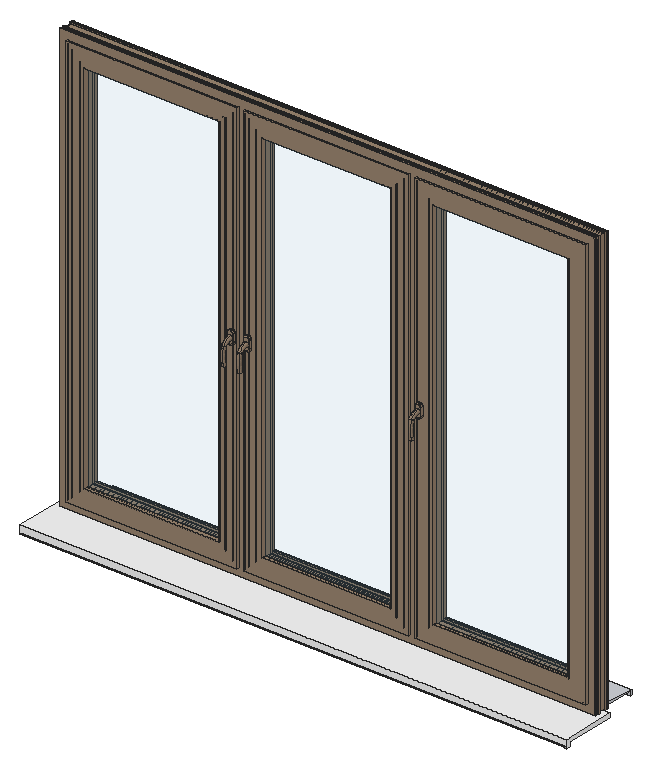
Revit family "4_Окно трехстворчатое с вертикальными импостами_V72", category Окна, Revit 2019
Family settings
  Основа = Стена
  Номер OmniClass = 23.30.20.17.11
  Заголовок OmniClass = Fixed Windows
  Всегда вертикально = Да
  При загрузке вырезать с полостями = Нет
  Общий = Нет
  Точка расчета площади = Нет
Parameters (values of type "V72")
  Ширина створки центр [instance] = 500.00 mm
  Ширина створки прав [instance] = 850.00 mm
  Ширина створки лев [instance] = 850.00 mm
  Width [instance] = 0.00 mm  # constant formula
  Четверть.Ширина [instance] = 65.00 mm
  Четверть.Высота [instance] = 65.00 mm
  Четверть Правая.Видимость [instance] = yes
  Четверть Правая [instance] = if(and(Четверть Правая.Видимость, Четверть), Четверть.Ширина, 0.00 mm)  # 65.00 mm
  Четверть Левая.Видимость [instance] = yes
  Четверть Левая [instance] = if(and(Четверть Левая.Видимость, Четверть), Четверть.Ширина, 0.00 mm)  # 65.00 mm
  Четверть [instance] = yes
  Четверть.Верхняя [instance] = if(Четверть, Четверть.Высота, 0.00 mm)  # 65.00 mm
  Монтажный зазор спереди [instance] = 10.00 mm
  Монтаж.зазор Низ [instance] = 40.00 mm
  Монтажный зазор.Верх [instance] = 25.00 mm
  VIDNAL_Ширина проема [instance] = ADSK_Ширина рамы + Монтажный зазор.Правый + Монтажный зазор.Левый  # 2550.00 mm
  VIDNAL_Цвет конструкции = ""
  VIDNAL_Фурнитура [instance] = ""
  VIDNAL_Формула стеклопакета [instance] = ""
  VIDNAL_Толщина стеклопакета [instance] = ""
  VIDNAL_Сопротивление ветровой нагрузке = ""
  VIDNAL_Система профилей [instance] = "V72"  # constant formula
  VIDNAL_Площадь изделия [instance] = ADSK_Ширина рамы * ADSK_Высота рамы  # 5.00 m²
  VIDNAL_Звукоизоляция [instance] = ""
  VIDNAL_Высота проема [instance] = ADSK_Высота рамы + Монтажный зазор.Верх + Монтаж.зазор Низ  # 2065.00 mm
  Глубина профиля [instance] = 72.00 mm  # constant formula
  Rough Width = 0.00 mm  # constant formula
  Rough Height = 0.00 mm  # constant formula
  Подоконник.Видимость [instance] = yes
  Подоконник = АС_Окна_ПВХСветлосерыйМатовый
  Отлив.Видимость [instance] = yes
  Откосы.Глубина [instance] = 150.00 mm
  Описание = "Окно"
  Обозначение = "ГОСТ 21519-2003"
  Наименование = ""
  Монтажный зазор.Правый [instance] = if(Четверть Правая.Видимость, Монтажный зазор.Боковой, 0.00 mm)  # 25.00 mm
  Монтажный зазор.Левый [instance] = if(Четверть Левая.Видимость, Монтажный зазор.Боковой, 0.00 mm)  # 25.00 mm
  Монтажный зазор.Боковой [instance] = 25.00 mm
  Марка проема [instance] = ""
  Model = ""
  Стекло = АС_Стекло
  Рама = Aluminum
  Отлив = АС_Металл_ОкрашенныйБелыйМатовый
  Type Comments = ""
  Assembly Code = ""
  Высота подоконника по умолчанию = 800.00 mm
  Wall Closure = (empty or 0)
  Height [instance] = 0.00 mm  # constant formula
  Аналитическая конструкция = "<Нет>"
  VIDNAL_Возухопроницаемость [instance] = ""
  VIDNAL_Водонепроницаемость [instance] = ""
  VIDNAL_Rприв. профиля со стеклопакетом [instance] = ""
  ADSK_Ширина рамы [instance] = 2500.00 mm
  ADSK_Позиция [instance] = ""
  ADSK_Завод-изготовитель [instance] = "VIDNAL"  # constant formula
  ADSK_Высота рамы [instance] = 2000.00 mm
Reference planes
  plane 1 "ПД": y = -40
  plane 2: z = 0
  plane 3 "Слева": x = -922.6
  plane 4 "Справа": x = 1627.4
  plane 5 "Подоконник": z = 800
  plane 6 "ВЕРХ": z = 2865
  plane 7 "Внутренняя": y = -190
  plane 8 "Вставка окна": y = 32
  plane 9 "четверть прав": x = 1562.4
  plane 10 "четверть верх": z = 2800
  plane 11 "рама лев": x = -897.6
  plane 12 "рама прав": x = 1602.4
  plane 13 "рама верх": z = 2840
  plane 14: y = -240
  plane 15 "Подоконник, отлив": y = 12
  plane 16: y = 190
  plane 17 "отлив прав": y = 220
  plane 18 "TT": y = 42
  plane 19 "рама низ": z = 840
  plane 20 "створка лев": x = -860.352
  plane 21: x = -62.85
  plane 22 "низ створки ниж": z = 877.248
  plane 23: x = -32.35
  plane 24 "створка прав": x = 1565.152
  plane 25 "верх створки": z = 2802.752
  plane 26 "четверть левая": x = -857.6
  plane 27 "уровень отлива": z = 820
  plane 28 "осевая": x = -47.6
  plane 29: x = 737.15
  plane 30: x = 767.65
  plane 31 "п": x = 752.4
Forms (mm)
  Extrusion 1, void, detail levels medium+fine
    sketch origin (0, 42, 0) x (0, 0, 1) y (-1, 0, 0)
      loop
        line (2865, -1627.4) -> (2865, 922.6) -> (800, 922.6) -> (800, -1627.4) -> (2865, -1627.4)
    from 0 to 1000
  Extrusion 2, void
    sketch origin (0, 32, 0) x (0, 0, -1) y (-1, 0, 0)
      loop
        line (-2800, -1562.4) -> (-800, -1562.4) -> (-800, 857.6) -> (-2800, 857.6) -> (-2800, -1562.4)
    from -100 to 500
  Sweep 3, solid, material "Aluminum" <- "Рама"
    path origin (0, 32, -30) x (0, 0, -1) y (-1, 0, 0)
      loop
        line (-2870, 897.6) -> (-2870, -1602.4) -> (-870, -1602.4) -> (-870, 897.6) -> (-2870, 897.6)
    profile "Профиль рамы V72 (R19) : Профиль рамы V72 (R19)" origin (-897.6, 32, 1840) x (-1, 0, 0) y (0, 1, 0)
      loop
        line (-37.021, -25.058) -> (-7.134, -25.058) -> (-7.134, -14) -> (-37.021, -14) -> (-37.021, -25.058)
      loop
        line (-37.021, -48) -> (-7.134, -48) -> (-7.134, -39.591) -> (-37.021, -39.591) -> (-37.021, -48)
      loop
        line (-37.021, -38.383) -> (-7.134, -38.383) -> (-7.134, -26.243) -> (-37.021, -26.243) -> (-37.021, -38.383)
      loop
        line (-7, -12.3) -> (-7, -1.5) -> (-37.498, -1.5) -> (-37.498, -12.3) -> (-7, -12.3)
      loop
        line (-6.748, -70.25) -> (-6.748, -49.75) -> (-37.248, -49.75) -> (-37.248, -70.25) -> (-6.748, -70.25)
      loop
        line (0.002, -72) -> (0.002, -67.879) -> (-1.998, -67.879) -> (-1.998, -70.25) -> (-4.998, -70.25) -> (-4.998, -52) -> (-1.998, -52) -> (-1.998, -53.5) -> (0.002, -53.5) -> (0.002, -48) -> (-1.998, -48) -> (-1.998, -50.25) -> (-4.996, -50.25) -> (-4.996, -13.988) -> (-1.997, -14) -> (-1.997, -15.5) -> (0.003, -15.5) -> (0.003, -11.5) -> (-1.497, -11.5) -> (-1.497, -12.5) -> (-5, -12.5) -> (-5, -1.5) -> (-1.5, -1.5) -> (-1.5, -2.5) -> (0, -2.5) -> (0, 0) -> (-65.998, 0) -> (-65.998, -4.2) -> (-58.998, -4.2) -> (-58.998, -1.5) -> (-38.998, -1.5) -> (-38.998, -12.5) -> (-41.998, -12.5) -> (-41.998, -10.908) -> (-43.998, -10.908) -> (-43.998, -15.5) -> (-41.998, -15.5) -> (-41.998, -14) -> (-38.998, -14) -> (-38.998, -50.25) -> (-41.998, -50.25) -> (-41.998, -48.52) -> (-43.998, -48.5) -> (-43.998, -53.5) -> (-41.998, -53.5) -> (-41.998, -52) -> (-38.998, -52) -> (-38.998, -70.25) -> (-41.998, -70.25) -> (-41.998, -67.978) -> (-43.998, -67.978) -> (-43.998, -72) -> (0.002, -72)
  Sweep 4, solid, material "Aluminum" <- "Рама"
    path origin (125, 32, 0) x (0, 0, -1) y (-1, 0, 0)
      loop
        line (-2796.752, 172.6) -> (-883.248, 172.6)
    profile "Профиль импоста : Профиль импоста" origin (-47.6, 32, 1840) x (-1, 0, 0) y (0, 1, 0)
      loop
        line (-15.25, -10) -> (-15.25, -48) -> (15.25, -48) -> (15.25, -10) -> (-15.25, -10)
      loop
        line (-15.25, -49.75) -> (-15.25, -70.25) -> (15.25, -70.25) -> (15.25, -49.75) -> (-15.25, -49.75)
      loop
        line (-15.25, -1.75) -> (-15.25, -8.25) -> (15.25, -8.25) -> (15.25, -1.75) -> (-15.25, -1.75)
      loop
        line (-44, 0) -> (-44, -4.2) -> (-35.5, -4.2) -> (-35.5, -1.5) -> (-17, -1.5) -> (-17, -8.5) -> (-20, -8.5) -> (-20, -7.5) -> (-22, -7.5) -> (-22, -11.5) -> (-20, -11.5) -> (-20, -10) -> (-17, -10) -> (-17, -14.231) -> (-20.5, -14.231) -> (-20.5, -18.313) -> (-18.5, -18.313) -> (-18.5, -16.063) -> (-17, -16.063) -> (-17, -33.174) -> (-18.5, -33.174) -> (-18.5, -30.924) -> (-20.5, -30.924) -> (-20.5, -35.006) -> (-17, -35.006) -> (-17, -50.25) -> (-20, -50.25) -> (-20, -48) -> (-22, -48) -> (-22, -54.8) -> (-20, -54.8) -> (-20, -52.31) -> (-17, -52.31) -> (-17, -70.25) -> (-20, -70.25) -> (-20, -66.8) -> (-22, -66.8) -> (-22, -72) -> (22, -72) -> (22, -66.8) -> (20, -66.8) -> (20, -70.25) -> (17, -70.25) -> (17, -52.31) -> (20, -52.31) -> (20, -54.8) -> (22, -54.8) -> (22, -48) -> (20, -48) -> (20, -50.25) -> (17, -50.25) -> (17, -35.006) -> (20.5, -35.006) -> (20.5, -30.924) -> (18.5, -30.924) -> (18.5, -33.174) -> (17, -33.174) -> (17, -16.063) -> (18.5, -16.063) -> (18.5, -18.313) -> (20.5, -18.313) -> (20.5, -14.231) -> (17, -14.231) -> (17, -10) -> (20, -10) -> (20, -11.5) -> (22, -11.5) -> (22, -7.5) -> (20, -7.5) -> (20, -8.5) -> (17, -8.5) -> (17, -1.5) -> (35.5, -1.5) -> (35.5, -4.2) -> (44, -4.2) -> (44, 0) -> (-44, 0)
  Extrusion 5, solid, material "АС_Окна_ПВХСветлосерыйМатовый" <- "Подоконник", visible <- "Подоконник.Видимость"
    sketch origin (906.9, -410, 45) x (0, 0, 1) y (0, -1, 0)
      loop
        line (795, -422) -> (795, -170) -> (762, -170)
        arc (762, -170) -> (757.05, -172.05) -> (755, -177) r 7
        line (755, -177) -> (755, -188.375) -> (775, -188.375) -> (775, -422) -> (795, -422)
    from 720.5 to -1829.5
  Extrusion 6, solid, visible <- "Отлив.Видимость"
    sketch origin (-918.1, 42.774, 211.776) x (0, 1, 0) y (0, 0, 1)
      loop
        line (-30.774, 608.224) -> (172.226, 608.224) -> (172.226, 588.224) -> (177.226, 588.224) -> (177.226, 611.937) -> (-30.774, 625.05) -> (-30.774, 608.224)
    from 60.5 to 2480.5
  Sweep 7, solid, material "Aluminum" <- "Рама"
    path origin (560, 32, 0) x (0, 0, -1) y (-1, 0, 0)
      loop
        line (-2796.752, -192.4) -> (-883.248, -192.4)
    profile "Профиль импоста : Профиль импоста" origin (752.4, 32, 1840) x (-1, 0, 0) y (0, 1, 0)
      loop
        line (-15.25, -10) -> (-15.25, -48) -> (15.25, -48) -> (15.25, -10) -> (-15.25, -10)
      loop
        line (-15.25, -49.75) -> (-15.25, -70.25) -> (15.25, -70.25) -> (15.25, -49.75) -> (-15.25, -49.75)
      loop
        line (-15.25, -1.75) -> (-15.25, -8.25) -> (15.25, -8.25) -> (15.25, -1.75) -> (-15.25, -1.75)
      loop
        line (-44, 0) -> (-44, -4.2) -> (-35.5, -4.2) -> (-35.5, -1.5) -> (-17, -1.5) -> (-17, -8.5) -> (-20, -8.5) -> (-20, -7.5) -> (-22, -7.5) -> (-22, -11.5) -> (-20, -11.5) -> (-20, -10) -> (-17, -10) -> (-17, -14.231) -> (-20.5, -14.231) -> (-20.5, -18.313) -> (-18.5, -18.313) -> (-18.5, -16.063) -> (-17, -16.063) -> (-17, -33.174) -> (-18.5, -33.174) -> (-18.5, -30.924) -> (-20.5, -30.924) -> (-20.5, -35.006) -> (-17, -35.006) -> (-17, -50.25) -> (-20, -50.25) -> (-20, -48) -> (-22, -48) -> (-22, -54.8) -> (-20, -54.8) -> (-20, -52.31) -> (-17, -52.31) -> (-17, -70.25) -> (-20, -70.25) -> (-20, -66.8) -> (-22, -66.8) -> (-22, -72) -> (22, -72) -> (22, -66.8) -> (20, -66.8) -> (20, -70.25) -> (17, -70.25) -> (17, -52.31) -> (20, -52.31) -> (20, -54.8) -> (22, -54.8) -> (22, -48) -> (20, -48) -> (20, -50.25) -> (17, -50.25) -> (17, -35.006) -> (20.5, -35.006) -> (20.5, -30.924) -> (18.5, -30.924) -> (18.5, -33.174) -> (17, -33.174) -> (17, -16.063) -> (18.5, -16.063) -> (18.5, -18.313) -> (20.5, -18.313) -> (20.5, -14.231) -> (17, -14.231) -> (17, -10) -> (20, -10) -> (20, -11.5) -> (22, -11.5) -> (22, -7.5) -> (20, -7.5) -> (20, -8.5) -> (17, -8.5) -> (17, -1.5) -> (35.5, -1.5) -> (35.5, -4.2) -> (44, -4.2) -> (44, 0) -> (-44, 0)
Cuts and joins
  joined: Sweep 3, Sweep 4, Sweep 7
Lines and regions (mm)
  Masking region 1
    outline origin (0, 0, 0) x (1, 0, 0) y (0, 1, 0)
      loop
        line (-922.6, 12) -> (-922.6, -190) -> (1627.4, -190) -> (1627.4, 12) -> (-922.6, 12)
  symbolic lines, style "WindowsFrameMullionProjection", detail levels fine
    curve 1: line (-163.1, 32, 800) -> (-163.1, -40, 800)
    curve 3: line (-163.1, -40, 840) -> (-163.1, 32, 840)
    curve 5: line (-163.1, 32, 2865) -> (-163.1, -40, 2865)
    curve 7: line (-163.1, -40, 2840) -> (-163.1, 32, 2840)
  symbolic lines, style "WindowsFrameMullionProjection"
    curve 2: line (-163.1, 32, 840) -> (-163.1, 32, 800)
    curve 4: line (-163.1, -40, 800) -> (-163.1, -40, 840)
    curve 6: line (-163.1, 32, 2840) -> (-163.1, 32, 2865)
    curve 8: line (-163.1, -40, 2865) -> (-163.1, -40, 2840)
    curve 11: line (-922.6, 32, 0) -> (-922.6, -40, 0)
    curve 12: line (1627.4, 32, 0) -> (1627.4, -40, 0)
  symbolic lines, style "WindowsFrameMullionProjection", detail levels coarse
    curve 9: line (1627.4, 32, 2865) -> (1627.4, 32, 800)
    curve 10: line (1627.4, -40, 2865) -> (1627.4, -40, 800)
Text (mm)
  text "Наружный" at (-2011.448, 646.123, 0), in view "Линия этажа"
  text "Внутренний" at (-2011.448, -562.523, 0), in view "Линия этажа"
  text "Наружный" at (0, 1108.87, 3415.022), in view "Слева"
  text "Наружный" at (0, 464.664, 3176.206), in view "Справа"
Dimensions and locks
  plane 3 "Слева" to plane 4 "Справа" = 2550.00 mm
  "Монтажный зазор.Правый": plane 12 "рама прав" to plane 4 "Справа"
  plane 5 "Подоконник" to plane 5 "Подоконник" = 0.00 mm
  "Высота подоконника по умолчанию": plane 5 "Подоконник" to plane 2
  "Четверть.Верхняя": plane 10 "четверть верх" to plane 6 "ВЕРХ"
  "ADSK_Ширина рамы": plane 11 "рама лев" to plane 12 "рама прав"
  "Четверть Правая": plane 9 "четверть прав" to plane 4 "Справа"
  "Глубина профиля": plane 8 "Вставка окна" to plane 1 "ПД"
  "Откосы.Глубина": plane 1 "ПД" to plane 7 "Внутренняя"
  locked: plane 14 to plane 7 "Внутренняя" at 50
  "Монтажный зазор.Левый": plane 3 "Слева" to plane 11 "рама лев"
  "Монтажный зазор.Верх": plane 13 "рама верх" to plane 6 "ВЕРХ"
  locked: plane 8 "Вставка окна" to plane 15 "Подоконник, отлив" at 20
  plane 18 "TT" to plane 8 "Вставка окна" = 10.00 mm
  "Монтаж.зазор Низ": plane 19 "рама низ" to plane 5 "Подоконник"
  locked: plane 11 "рама лев" to plane 20 "створка лев" at 37.248
  locked: plane 22 "низ створки ниж" to plane 19 "рама низ" at 37.248
  locked: plane 24 "створка прав" to plane 12 "рама прав" at 37.248
  "ADSK_Высота рамы": plane 13 "рама верх" to plane 19 "рама низ"
  locked: plane 13 "рама верх" to plane 25 "верх створки" at 37.248
  "Четверть Левая": plane 3 "Слева" to plane 26 "четверть левая"
  "Монтажный зазор спереди": plane 8 "Вставка окна" to plane 18 "TT"
  locked: plane 19 "рама низ" to plane 27 "уровень отлива" at 20
  Extrusion 5 sketch curve to Extrusion 5 sketch curve = 40.00 mm
  Extrusion 5 sketch curve to Extrusion 5 sketch curve = 20.00 mm
  plane 16 to plane 17 "отлив прав" = 30.00 mm
  locked: Extrusion 6 to Extrusion 6 at 5
  "Ширина створки лев": plane 11 "рама лев" to plane 28 "осевая"
  locked: plane 21 to plane 28 "осевая" at 15.25
  locked: plane 28 "осевая" to plane 23 at 15.25
  locked: plane 29 to plane 31 "п" at 15.25
  locked: plane 31 "п" to plane 30 at 15.25
  plane 28 "осевая" to plane 31 "п" = 800.00 mm
  "Ширина створки прав": plane 31 "п" to plane 12 "рама прав"
  aligned and locked: plane 7 "Внутренняя" to host wall
  aligned and locked: plane 9 "четверть прав" to Extrusion 2 sketch curve
  aligned and locked: Extrusion 2 sketch curve to plane 10 "четверть верх"
  aligned and locked: plane 5 "Подоконник" to Extrusion 2 sketch curve
  aligned: Extrusion 2 sketch curve to plane 3 "Слева"
  aligned and locked: curve 1 to plane 5 "Подоконник"
  aligned and locked: curve 2 to plane 8 "Вставка окна"
  aligned and locked: curve 4 to plane 1 "ПД"
  aligned and locked: curve 5 to plane 6 "ВЕРХ"
  aligned and locked: plane 8 "Вставка окна" to curve 6
  aligned and locked: curve 7 to plane 13 "рама верх"
  aligned and locked: plane 1 "ПД" to curve 8
  aligned and locked: plane 4 "Справа" to curve 12
  aligned and locked: level to plane 2
  aligned and locked: plane 12 "рама прав" to Sweep 3 sketch curve
  aligned and locked: plane 11 "рама лев" to Sweep 3 sketch curve
  aligned and locked: Masking region 1 sketch curve to plane 3 "Слева"
  aligned and locked: plane 7 "Внутренняя" to Masking region 1 sketch curve
  aligned and locked: plane 4 "Справа" to Masking region 1 sketch curve
  aligned and locked: nested 1 to plane 8 "Вставка окна"
  aligned and locked: Sweep 3 sketch curve to plane 13 "рама верх"
  aligned and locked: Sweep 3 sketch curve to plane 19 "рама низ"
  aligned and locked: plane 26 "четверть левая" to Extrusion 2 sketch curve
  aligned and locked: plane 15 "Подоконник, отлив" to Masking region 1 sketch curve
  aligned and locked: Extrusion 5 to plane 15 "Подоконник, отлив"
  aligned and locked: Extrusion 5 to plane 14
  aligned and locked: Extrusion 5 to plane 4 "Справа"
  aligned and locked: plane 3 "Слева" to Extrusion 5
  aligned and locked: plane 17 "отлив прав" to Extrusion 6
  aligned and locked: plane 15 "Подоконник, отлив" to Extrusion 6
  aligned and locked: plane 26 "четверть левая" to Extrusion 6
  aligned and locked: Extrusion 6 to plane 9 "четверть прав"
  aligned and locked: nested 2 to plane 8 "Вставка окна"
  aligned and locked: nested 2 to cut or joined group of Sweep 3, Sweep 4, Sweep 7  (x3)
  aligned and locked: nested 3 to cut or joined group of Sweep 3, Sweep 4, Sweep 7
  aligned and locked: nested 1 to cut or joined group of Sweep 3, Sweep 4, Sweep 7
  aligned and locked: plane 25 "верх створки" to nested 3
  aligned and locked: plane 25 "верх створки" to nested 2
  aligned and locked: plane 25 "верх створки" to nested 1
  aligned and locked: plane 22 "низ створки ниж" to nested 3
  aligned and locked: plane 22 "низ створки ниж" to nested 2
  aligned and locked: plane 22 "низ створки ниж" to nested 1
  aligned and locked: plane 20 "створка лев" to nested 1
  aligned and locked: plane 24 "створка прав" to nested 3
  aligned and locked: plane 21 to nested 1
  aligned and locked: plane 23 to nested 2
  aligned and locked: plane 30 to nested 3
  aligned and locked: plane 29 to nested 2
Automatic sketch dimensions
  plane 4 "Справа" to Extrusion 1 sketch curve = 0.00 mm
  Extrusion 1 sketch curve to plane 5 "Подоконник" = 0.00 mm
  Extrusion 1 sketch curve to plane 6 "ВЕРХ" = 0.00 mm
  plane 3 "Слева" to Extrusion 1 sketch curve = 0.00 mm
  plane 1 "ПД" to curve 11 = 0.00 mm
  curve 11 to plane 3 "Слева" = 0.00 mm
  plane 1 "ПД" to curve 12 = 0.00 mm
  curve 12 to plane 8 "Вставка окна" = 0.00 mm
  curve 11 to plane 8 "Вставка окна" = 0.00 mm
  curve 6 to plane 8 "Вставка окна" = 0.00 mm
  curve 3 to plane 19 "рама низ" = 0.00 mm
  plane 5 "Подоконник" to curve 9 = 0.00 mm
  curve 9 to plane 8 "Вставка окна" = 0.00 mm
  curve 10 to plane 1 "ПД" = 0.00 mm
  plane 5 "Подоконник" to curve 10 = 0.00 mm
  plane 6 "ВЕРХ" to curve 10 = 0.00 mm
  plane 6 "ВЕРХ" to curve 9 = 0.00 mm
  plane 28 "осевая" to Sweep 4 sketch curve = 0.00 mm
  plane 5 "Подоконник" to Extrusion 5 sketch curve = 0.00 mm
  Extrusion 5 sketch curve to plane 14 = 0.00 mm
  Extrusion 5 sketch curve to plane 15 "Подоконник, отлив" = 0.00 mm
  Extrusion 5 sketch curve to plane 5 "Подоконник" = 7.00 mm
  Extrusion 5 sketch curve to Extrusion 5 sketch curve = 11.375 mm
  Extrusion 6 sketch curve to plane 15 "Подоконник, отлив" = 0.00 mm
  Extrusion 6 sketch curve to plane 27 "уровень отлива" = 0.00 mm
  plane 5 "Подоконник" to Extrusion 6 sketch curve = 0.00 mm
  Extrusion 6 sketch curve to plane 17 "отлив прав" = 0.00 mm
  plane 17 "отлив прав" to Extrusion 6 sketch curve = 5.00 mm
  plane 27 "уровень отлива" to Extrusion 6 sketch curve = 3.713 mm
  Extrusion 6 sketch curve to plane 19 "рама низ" = 3.174 mm
  plane 31 "п" to Sweep 7 sketch curve = 0.00 mm
  plane 25 "верх створки" to Sweep 7 sketch curve = 6.00 mm
  Sweep 7 sketch curve to plane 22 "низ створки ниж" = 6.00 mm
  plane 25 "верх створки" to Sweep 4 sketch curve = 6.00 mm
  Sweep 4 sketch curve to plane 22 "низ створки ниж" = 6.00 mm
Nested families
  nested 1: "СТВОРКА V72" at (-860.352, 32, 877.248), type "Поворотно-откидная лево"
    with Створка.Ширина 797.502 mm, Створка.Высота 1925.505 mm
  nested 2: "СТВОРКА V72" at (-32.35, 32, 877.248), type "Поворотная право"
    with Створка.Ширина 769.50 mm, Створка.Высота 1925.505 mm
  nested 3: "СТВОРКА V72" at (767.65, 32, 877.248), type "Поворотно-откидная право"
    with Створка.Ширина 797.502 mm, Створка.Высота 1925.505 mm
Definition of nested family "СТВОРКА V72"
  Parameters (values of type "Поворотно-откидная право")
    отк нз = no
    отк лев = no
    отк ввер = yes
    от пр = yes
    Стекло = none
    Створка.Ширина [instance] = 600.00 mm
    Створка.Высота [instance] = 900.00 mm
    Створка VIDNAL = none
    Ручка.Справа = no
    Ручка.Снизу = no
    Ручка.Слева = yes
    Ручка.Сверху = no
    Открытие = not(Глухая)  # yes
    Глухая = no
    Габариты заполнения = 0.00 mm
    Analytic Construction = "<Нет>"
  Types (7, lengths in mm): name | отк нз | отк лев | отк ввер | от пр | Ручка.Справа | Ручка.Снизу | Ручка.Слева | Ручка.Сверху | Открытие | Глухая
    Глухая | no | no | no | no | no | no | no | no | no | yes
    Поворотная право | no | no | no | yes | no | no | yes | no | yes | no
    Поворотная лево | no | yes | no | no | yes | no | no | no | yes | no
    Поворотно-откидная лево | no | yes | yes | no | yes | no | no | no | yes | no
    Поворотно-откидная право | no | no | yes | yes | no | no | yes | no | yes | no
    Фрамуга с нижним откидыванием | yes | no | no | no | no | yes | no | no | yes | no
    Фрамуга с верхним откидыванием | no | no | yes | no | no | no | no | yes | yes | no
  Reference planes
    plane 1 "Center (Front/Back)": y = 0
    plane 2 "Bottom": z = 0
    plane 3 "Left": x = 0
    plane 4 "Right": x = 600
    plane 5 "Top": z = 900
    plane 6: z = 450
    plane 7: x = 300
    plane 8: x = 0
    plane 9: x = 600
    plane 10: y = -17.2
    plane 11: y = -57.2
    plane 12: z = 900
    plane 13: z = 0
    plane 14: y = -81
    plane 15: y = -17.2
  Forms (mm)
    Extrusion 1, solid, material <- "Стекло"
      sketch origin (160, -17.2, 825.5) x (0, 0, -1) y (-1, 0, 0)
        loop
          line (825.5, 160) -> (-74.5, 160) -> (-74.5, -440) -> (825.5, -440) -> (825.5, 160)
      from -40 to 0
    Sweep 2, solid, material <- "Створка VIDNAL", visible <- "Открытие"
      path origin (0, 0, 0) x (1, 0, 0) y (0, 0, 1)
        loop
          line (0, 900) -> (0, 0) -> (600, 0) -> (600, 900) -> (0, 900)
      profile "Профиль створки V72 : Профиль створки V72" origin (300, 0, 900) x (0, 0, 1) y (0, -1, 0)
        loop
          line (-27.1, 14.3) -> (-57.6, 14.3) -> (-57.6, 1.5) -> (-37, 1.5) -> (-37, 7) -> (-27.1, 7) -> (-27.1, 14.3)
        loop
          line (-57.508, 23.909) -> (-57.508, 16) -> (-31.105, 16) -> (-31.105, 23.909) -> (-57.508, 23.909)
        loop
          line (-57.508, 26.549) -> (-31.105, 26.549) -> (-31.105, 36.954) -> (-57.508, 36.954) -> (-57.508, 26.549)
        loop
          line (-57.514, 39.773) -> (-31.105, 39.773) -> (-31.105, 50) -> (-57.514, 50) -> (-57.514, 39.773)
        loop
          line (-56, 79.25) -> (-59, 79.25) -> (-59, 76.151) -> (-62.7, 76.151) -> (-62.7, 79.6) -> (-81.6, 79.6) -> (-81.6, 65.6) -> (-76, 65.6) -> (-66, 63.8) -> (-59, 63.8) -> (-59, 59) -> (-56, 59) -> (-56, 79.25)
        loop
          line (-18.843, 32.487) -> (-29.504, 32.487) -> (-29.504, 24.689) -> (-18.843, 24.689) -> (-18.843, 32.487)
        loop
          line (-18.87, 44.01) -> (-29.504, 44.01) -> (-29.504, 33.802) -> (-18.87, 33.802) -> (-18.87, 44.01)
        loop
          line (-23.75, 79.25) -> (-54.25, 79.25) -> (-54.25, 58.75) -> (-51.75, 58.75) -> (-51.75, 57) -> (-57.75, 57) -> (-57.75, 51.75) -> (-23.75, 51.75) -> (-23.75, 57) -> (-25.75, 57) -> (-25.75, 58.75) -> (-23.75, 58.75) -> (-23.75, 79.25)
        loop
          line (-3.5, 76.8) -> (-3.5, 72) -> (0, 72) -> (0, 76.8) -> (0, 81) -> (-1, 81) -> (-83.302, 81) -> (-83.302, 61.361) -> (-76, 61.21) -> (-76, 64.381) -> (-66.107, 62.5) -> (-61, 62.5) -> (-61, 57) -> (-59.5, 57) -> (-59.5, 1.5) -> (-75, 1.5) -> (-81.5, 8) -> (-81.5, 13.054) -> (-74.5, 13.054) -> (-74.5, 17.2) -> (-83, 17.2) -> (-83, 7) -> (-76, 0) -> (-35.5, 0) -> (-35.5, 5.5) -> (-28, 5.5) -> (-28, 4.195) -> (-21, 4.195) -> (-21, 5.5) -> (-25.5, 5.5) -> (-25.5, 23.5) -> (-17.5, 23.5) -> (-17.5, 45.156) -> (-25.2, 45.156) -> (-25.2, 50) -> (-17.5, 50) -> (-17.5, 54.5) -> (-19, 54.5) -> (-19, 52) -> (-22, 52) -> (-22, 72) -> (-19, 72) -> (-19, 69.5) -> (-17.5, 69.5) -> (-17.5, 74) -> (-22, 74) -> (-22, 79.25) -> (-7, 79.25) -> (-7, 76.8) -> (-3.5, 76.8)
  Lines and regions (mm)
    symbolic lines, visible <- "Глухая"
      curve 1: line (300, 0, 500) -> (300, 0, 400)
      curve 2: line (250, 0, 450) -> (350, 0, 450)
    symbolic lines, visible <- "от пр"
      curve 3: line (583, -75, 883) -> (17, -75, 450)
      curve 4: line (17, -75, 450) -> (583, -75, 17)
    symbolic lines, visible <- "отк лев"
      curve 5: line (17, -75, 17) -> (583, -75, 450)
      curve 6: line (583, -75, 450) -> (17, -75, 883)
    symbolic lines, visible <- "отк ввер"
      curve 7: line (17, -75, 17) -> (300, -75, 883)
      curve 8: line (300, -75, 883) -> (583, -75, 17)
    symbolic lines, visible <- "отк нз"
      curve 9: line (17, -75, 883) -> (300, -75, 17)
      curve 10: line (300, -75, 17) -> (583, -75, 883)
  Dimensions and locks
    "Створка.Ширина": plane 4 "Right" to plane 3 "Left"
    "Створка.Высота": plane 5 "Top" to plane 2 "Bottom"
    equal spacing: plane 3 "Left", curve 1, plane 4 "Right"
    equal spacing: plane 5 "Top", curve 2, plane 2 "Bottom"
    curve 1 to curve 2 to curve 1 = 50.00 mm locked, 50.00 mm locked
    curve 2 to curve 1 to curve 2 = 50.00 mm locked, 50.00 mm locked
    equal spacing: plane 5 "Top", plane 6, plane 2 "Bottom"
    equal spacing: plane 4 "Right", plane 7, plane 3 "Left"
    locked: plane 5 "Top" to nested 1 at 23
    "Габариты заполнения": plane 3 "Left" to plane 8
    "Габариты заполнения": plane 9 to plane 4 "Right"
    "Габариты заполнения": plane 13 to plane 2 "Bottom"
    "Габариты заполнения": plane 5 "Top" to plane 12
    locked: nested 4 to plane 2 "Bottom" at 23
    locked: nested 3 to plane 4 "Right" at 23
    locked: plane 3 "Left" to nested 2 at 23
    plane 15 to Extrusion 1 = 40.00 mm
    aligned and locked: level to plane 2 "Bottom"
    aligned and locked: plane 6 to curve 4
    aligned and locked: plane 6 to curve 6
    aligned and locked: plane 7 to curve 8
    aligned and locked: plane 7 to curve 10
    aligned and locked: plane 3 "Left" to Sweep 2 sketch curve
    aligned and locked: plane 4 "Right" to Sweep 2 sketch curve
    aligned and locked: Extrusion 1 to plane 8
    aligned and locked: Extrusion 1 to plane 10
    aligned and locked: Extrusion 1 to plane 11
    aligned and locked: nested 1 to plane 7
    aligned and locked: plane 9 to Extrusion 1
    aligned and locked: plane 12 to Extrusion 1
    aligned and locked: nested 3 to plane 6
    aligned and locked: nested 2 to plane 6
    aligned and locked: plane 7 to nested 4
    aligned and locked: plane 2 "Bottom" to Extrusion 1
    aligned and locked: Sweep 2 sketch curve to plane 12
    aligned and locked: Sweep 2 sketch curve to Extrusion 1
  Automatic sketch dimensions
    plane 8 to curve 6 = 17.00 mm
    plane 8 to curve 5 = 17.00 mm
    plane 8 to curve 4 = 17.00 mm
    curve 8 to plane 9 = 17.00 mm
    curve 5 to plane 9 = 17.00 mm
    curve 3 to plane 9 = 17.00 mm
    plane 13 to curve 10 = 17.00 mm
    plane 13 to curve 5 = 17.00 mm
    plane 13 to curve 4 = 17.00 mm
    curve 8 to plane 12 = 17.00 mm
    curve 9 to plane 12 = 17.00 mm
    curve 3 to plane 12 = 17.00 mm
    Extrusion 1 sketch curve to plane 3 "Left" = 0.00 mm
    Extrusion 1 sketch curve to plane 5 "Top" = 0.00 mm
    level to Extrusion 1 sketch curve = 0.00 mm
    plane 4 "Right" to Extrusion 1 sketch curve = 0.00 mm
  Nested families
    nested 1: "Ручка" at (300, -81, 877) x (1, 0, 0) z (0, -1, 0), visible <- "Ручка.Сверху", type "Ручка"
    nested 2: "Ручка" at (23, -81, 450) x (0, 0, -1) z (0, -1, 0), visible <- "Ручка.Слева", type "Ручка"
    nested 3: "Ручка" at (577, -81, 450) x (0, 0, -1) z (0, -1, 0), visible <- "Ручка.Справа", type "Ручка"
    nested 4: "Ручка" at (300, -81, 23) x (1, 0, 0) z (0, -1, 0), visible <- "Ручка.Снизу", type "Ручка"
  Definition of nested family "Ручка"
    Parameters (values of type "Ручка")
      Default Elevation = 1219.20 mm
      Ручка = none
      Analytic Construction = "<None>"
    Reference planes
      plane 1 "По центру (Вперед/Назад)": y = 0
      plane 2: z = 0
      plane 3 "По центру (Влево/Вправо)": x = 0
    Forms (mm)
      Extrusion 1, solid
        sketch origin (0, 0, 0) x (1, 0, 0) y (0, 1, 0)
          loop
            line (-1219.2, 1219.2) -> (-1219.2, -1219.2) -> (1219.2, -1219.2) -> (1219.2, 1219.2) -> (-1219.2, 1219.2)
        from 0 to -304.8
      Extrusion 2, solid, material <- "Ручка"
        sketch origin (0, 0, 0) x (1, 0, 0) y (0, 1, 0)
          loop
            arc (-18, 14) -> (-32, 0) -> (-18, -14) r 14
            line (-18, -14) -> (18, -14)
            arc (18, -14) -> (32, 0) -> (18, 14) r 14
            line (18, 14) -> (-18, 14)
        from 2 to 10
      SweptBlend 3, solid, material <- "Ручка"
        path origin (0, 0, 0) x (1, 0, 0) y (0, 0, 1)
          loop
            arc (20.682, 50.862) -> (5.492, 34.011) -> (0, 12) r 46.852
        profile origin (20.682, 0, 50.862) x (0.558567, 0, -0.829459) y (0, -1, 0)
          loop
            line (-6, 5.292) -> (-6, -5.292)
            arc (-6, -5.292) -> (8, 0) -> (-6, 5.292) r 8
        end profile origin (0, 0, 12) x (0, -1, 0) y (1, 0, 0)
          loop
            arc (4.359, -9) -> (0, 10) -> (-4.359, -9) r 10
            line (-4.359, -9) -> (4.359, -9)
      Blend 4, solid, material <- "Ручка"
        base sketch origin (0, 0, 10) x (1, 0, 0) y (0, 1, 0)
          loop
            line (-18, -14) -> (18, -14)
            arc (18, -14) -> (32, 0) -> (18, 14) r 14
            line (18, 14) -> (-18, 14)
            arc (-18, 14) -> (-32, 0) -> (-18, -14) r 14
        top sketch origin (0, 0, 10) x (1, 0, 0) y (0, 1, 0)
          loop
            line (-18, -12) -> (18, -12)
            arc (18, -12) -> (30, 0) -> (18, 12) r 12
            line (18, 12) -> (-18, 12)
            arc (-18, 12) -> (-30, 0) -> (-18, -12) r 12
        from 0 to 2
      Blend 5, solid, material <- "Ручка"
        base sketch origin (0, 0, 2) x (1, 0, 0) y (0, 1, 0)
          loop
            line (-18, -14) -> (18, -14)
            arc (18, -14) -> (32, 0) -> (18, 14) r 14
            line (18, 14) -> (-18, 14)
            arc (-18, 14) -> (-32, 0) -> (-18, -14) r 14
        top sketch origin (0, 0, 2) x (1, 0, 0) y (0, 1, 0)
          loop
            line (-18, -12) -> (18, -12)
            arc (18, -12) -> (30, 0) -> (18, 12) r 12
            line (18, 12) -> (-18, 12)
            arc (-18, 12) -> (-30, 0) -> (-18, -12) r 12
        from 0 to -2
      SweptBlend 6, solid, material <- "Ручка"
        path origin (61.806, 0, 18.443) x (1, 0, 0) y (0, 0, 1)
          loop
            arc (-43.225, 31.526) -> (-2.327, 35.833) -> (38.57, 31.526) r 196.318
        profile origin (18.581, 0, 49.97) x (-0.208324, 0, 0.97806) y (0, -1, 0)
          loop
            line (6, -5.292) -> (6, 5.292)
            arc (6, 5.292) -> (-8, 0) -> (6, -5.292) r 8
        end profile origin (100.377, 0, 49.97) x (0.208324, 0, 0.97806) y (0, -1, 0)
          loop
            line (6, -5.292) -> (6, 5.292)
            arc (6, 5.292) -> (-8, 0) -> (6, -5.292) r 8
    Cuts and joins
      joined: Extrusion 2, Blend 4, Blend 5, SweptBlend 6
    Lines and regions (mm)
      symbolic lines
        curve 1: line (-32, 0, 0) -> (32, 0, 0)
        curve 2: line (0, 14, 0) -> (0, -14, 0)
        curve 3: line (-32, 0, 0) -> (32, 0, 0)
    Dimensions and locks
      aligned and locked: plane 2 to Extrusion 1
      aligned and locked: level to Extrusion 1
